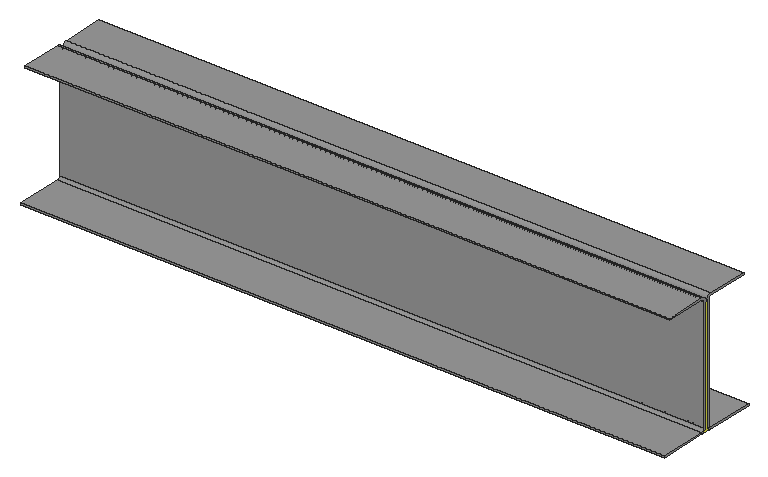
Revit family "ITW K 215", category Generic Models, Revit 2014
Parameters (values of type "Max lintel length 4800mm")
  URL = "http://www.keystonelintels.co.uk"
  Structural Opening [instance] = 900 mm
  Structural Performance = "The Keystone lintel range has safe working loads as detailed in each applicable loading table in the Keystone Lintel Guide brochure. The structural performance figures within each table have been ascertained by testing in accordance with the requirements of standards BS EN 5977-2: 1983 and BS EN 845-2: 2003."
  RIBA Productor Selector = "available for Keystone Lintels Ltd from Keystone Lintels Ltd from ribaproductselector.com"
  Model = "ITW/K 215"
  Min Length = 600 mm
  Min Clear Span = 300 mm
  Max Length = 4800 mm
  Max Clear Span = 4800 mm
  Material - Stainless Steel = "Grade 304 2b 1.4307 to BS EN 10088-2. Other grades available on request: contact manufacturer."
  Material - Galvanised Steel = "To BS EN 10346: 2009. DX51D plus Z600 or grade Z275 to BS 5977-2: 1983 (BS EN 845-2: 2003)."
  Manufacturer = "Keystone"
  Manufactured Length [instance] = (roundup(Effective Length / 150 mm) * 150 mm)  # 1200 mm
  Lintel height [instance] = 2100 mm
  Keynote = "F30/755"
  Fire Performance = "Keystone lintels have been subjected to a fire test (WARRES No. 101263) in accordance with BS 476-20: 1987, at Exova Warrington Fire and achieved a one hour fire performance."
  End Bearing = 150 mm
  Effective Length [instance] = Clear Opening with MIN MAX set + End Bearing * 2  # 1200 mm
  Corrosion = "Keystone’s standard range of lintels are manufactured from high quality grade pre-galvanized carbon steel with a zinc coating of 600"
  Contact Tel = "+44 (0)28 8676 2184"
  Contact Email = "info@keystonelintels.co.uk"
  Clear Opening with MIN MAX set [instance] = if(Structural Opening < Min Clear Span, Min Clear Span, (if(Structural Opening > Max Clear Span, Max Clear Span, Structural Opening)))  # 900 mm
  CPD Information = "Available for Keystone Lintels Ltd from ribacpd.com"
Reference planes
  plane 1 "Center (Front/Back)": y = 0
  plane 2: z = 0
  plane 3 "Center (Left/Right)": x = 0
  plane 4: x = -600
  plane 5: x = 600
  plane 6: z = 2100
  plane 7: x = -450
  plane 8: x = 450
Forms (mm)
  Extrusion 1, solid, material "Steel"
    sketch origin (0, 716.986, -496.741) x (0, 1, 0) y (0, 0, 1)
      loop
        line (-706.986, 2596.741) -> (-619.486, 2596.741) -> (-619.486, 2599.941) -> (-706.986, 2599.941)
        arc (-706.986, 2599.941) -> (-710.522, 2601.406) -> (-711.986, 2604.941) r 5
        line (-711.986, 2604.941) -> (-711.986, 2815.541)
        arc (-711.986, 2815.541) -> (-710.522, 2819.077) -> (-706.986, 2820.541) r 5
        line (-706.986, 2820.541) -> (-630.586, 2820.541) -> (-630.586, 2823.741) -> (-706.986, 2823.741)
        arc (-706.986, 2823.741) -> (-712.784, 2821.339) -> (-715.186, 2815.541) r 8.2
        line (-715.186, 2815.541) -> (-715.186, 2604.941)
        arc (-715.186, 2604.941) -> (-712.784, 2599.143) -> (-706.986, 2596.741) r 8.2
    from -600 to 600
  Extrusion 2, solid, material "Steel"
    sketch origin (0, 716.986, -496.741) x (0, 1, 0) y (0, 0, 1)
      loop
        line (-726.986, 2599.941) -> (-814.486, 2599.941) -> (-814.486, 2596.741) -> (-726.986, 2596.741)
        arc (-726.986, 2596.741) -> (-721.188, 2599.143) -> (-718.786, 2604.941) r 8.2
        line (-718.786, 2604.941) -> (-718.786, 2815.541)
        arc (-718.786, 2815.541) -> (-721.188, 2821.339) -> (-726.986, 2823.741) r 8.2
        line (-726.986, 2823.741) -> (-803.386, 2823.741) -> (-803.386, 2820.541) -> (-726.986, 2820.541)
        arc (-726.986, 2820.541) -> (-723.451, 2819.077) -> (-721.986, 2815.541) r 5
        line (-721.986, 2815.541) -> (-721.986, 2604.941)
        arc (-721.986, 2604.941) -> (-723.451, 2601.406) -> (-726.986, 2599.941) r 5
    from -600 to 600
  Extrusion 3, solid, material "Insulation"
    sketch origin (0, 716.986, -496.741) x (0, 1, 0) y (0, 0, 1)
      loop
        line (-715.186, 2604.941) -> (-715.186, 2815.541) -> (-718.786, 2815.541) -> (-718.786, 2604.941)
        arc (-718.786, 2604.941) -> (-721.188, 2599.143) -> (-726.986, 2596.741) r 8.2
        line (-726.986, 2596.741) -> (-706.986, 2596.741)
        arc (-706.986, 2596.741) -> (-712.784, 2599.143) -> (-715.186, 2604.941) r 8.2
    from -600 to 600
  Extrusion 4, solid, not visible
    sketch origin (0, 955.402, 1292.742) x (0, 1, 0) y (0, 0, 1)
      loop
        line (-706.986, 996.741) -> (-619.486, 996.741) -> (-619.486, 999.941) -> (-706.986, 999.941)
        arc (-706.986, 999.941) -> (-710.522, 1001.406) -> (-711.986, 1004.941) r 5
        line (-711.986, 1004.941) -> (-711.986, 1215.541)
        arc (-711.986, 1215.541) -> (-710.522, 1219.077) -> (-706.986, 1220.541) r 5
        line (-706.986, 1220.541) -> (-630.586, 1220.541) -> (-630.586, 1223.741) -> (-706.986, 1223.741)
        arc (-706.986, 1223.741) -> (-712.784, 1221.339) -> (-715.186, 1215.541) r 8.2
        line (-715.186, 1215.541) -> (-715.186, 1004.941)
        arc (-715.186, 1004.941) -> (-712.784, 999.143) -> (-706.986, 996.741) r 8.2
    from 0 to 250
  Extrusion 5, solid, not visible
    sketch origin (0, 607.652, 1189.808) x (0, 1, 0) y (0, 0, 1)
      loop
        line (-726.986, 999.941) -> (-814.486, 999.941) -> (-814.486, 996.741) -> (-726.986, 996.741)
        arc (-726.986, 996.741) -> (-721.188, 999.143) -> (-718.786, 1004.941) r 8.2
        line (-718.786, 1004.941) -> (-718.786, 1215.541)
        arc (-718.786, 1215.541) -> (-721.188, 1221.339) -> (-726.986, 1223.741) r 8.2
        line (-726.986, 1223.741) -> (-803.386, 1223.741) -> (-803.386, 1220.541) -> (-726.986, 1220.541)
        arc (-726.986, 1220.541) -> (-723.451, 1219.077) -> (-721.986, 1215.541) r 5
        line (-721.986, 1215.541) -> (-721.986, 1004.941)
        arc (-721.986, 1004.941) -> (-723.451, 1001.406) -> (-726.986, 999.941) r 5
    from 0 to 250
  Extrusion 6, solid, not visible
    sketch origin (0, 852.507, 836.535) x (0, 1, 0) y (0, 0, 1)
      loop
        line (-715.186, 1004.941) -> (-715.186, 1215.541) -> (-718.786, 1215.541) -> (-718.786, 1004.941)
        arc (-718.786, 1004.941) -> (-721.188, 999.143) -> (-726.986, 996.741) r 8.2
        line (-726.986, 996.741) -> (-706.986, 996.741)
        arc (-706.986, 996.741) -> (-712.784, 999.143) -> (-715.186, 1004.941) r 8.2
    from 0 to 250
Dimensions and locks
  equal spacing: plane 4, plane 3 "Center (Left/Right)", plane 5
  "Manufactured Length": plane 4 to plane 5
  "Lintel height": plane 6 to level
  "Structural Opening": plane 7 to plane 8
  equal spacing: plane 7, plane 3 "Center (Left/Right)", plane 8
  aligned and locked: level to plane 2
  aligned and locked: Extrusion 3 to plane 6
  aligned and locked: Extrusion 2 to plane 6
  aligned and locked: Extrusion 1 to plane 6
  aligned and locked: plane 5 to Extrusion 2
  aligned and locked: Extrusion 2 to plane 4
  aligned and locked: plane 5 to Extrusion 1
  aligned and locked: Extrusion 1 to plane 4
  aligned and locked: plane 5 to Extrusion 3
  aligned and locked: Extrusion 3 to plane 4
Automatic sketch dimensions
  Extrusion 1 sketch curve to Extrusion 1 sketch curve = 87.5 mm
  Extrusion 1 sketch curve to Extrusion 1 sketch curve = 3.2 mm
  Extrusion 1 sketch curve to Extrusion 1 sketch curve = 0 mm  (x8)
  Extrusion 1 sketch curve to Extrusion 1 sketch curve = 5 mm  (x2)
  Extrusion 1 sketch curve to Extrusion 1 sketch curve = 210.6 mm
  Extrusion 1 sketch curve to Extrusion 1 sketch curve = 76.4 mm
  Extrusion 2 sketch curve to Extrusion 2 sketch curve = 3.2 mm
  Extrusion 2 sketch curve to Extrusion 2 sketch curve = 87.5 mm
  Extrusion 2 sketch curve to Extrusion 2 sketch curve = 0 mm  (x8)
  Extrusion 2 sketch curve to Extrusion 2 sketch curve = 5 mm  (x2)
  Extrusion 2 sketch curve to Extrusion 2 sketch curve = 210.6 mm
  Extrusion 2 sketch curve to Extrusion 2 sketch curve = 76.4 mm
  Extrusion 3 sketch curve to Extrusion 3 sketch curve = 3.6 mm
  Extrusion 3 sketch curve to Extrusion 3 sketch curve = 8.2 mm
  Extrusion 3 sketch curve to Extrusion 3 sketch curve = 0 mm
  Extrusion 3 sketch curve to Extrusion 3 sketch curve = 210.6 mm
  Extrusion 4 sketch curve to Extrusion 4 sketch curve = 87.5 mm
  Extrusion 4 sketch curve to Extrusion 4 sketch curve = 3.2 mm
  Extrusion 4 sketch curve to Extrusion 4 sketch curve = 0 mm  (x8)
  Extrusion 4 sketch curve to Extrusion 4 sketch curve = 5 mm  (x2)
  Extrusion 4 sketch curve to Extrusion 4 sketch curve = 210.6 mm
  Extrusion 4 sketch curve to Extrusion 4 sketch curve = 76.4 mm
  Extrusion 5 sketch curve to Extrusion 5 sketch curve = 3.2 mm
  Extrusion 5 sketch curve to Extrusion 5 sketch curve = 87.5 mm
  Extrusion 5 sketch curve to Extrusion 5 sketch curve = 0 mm  (x8)
  Extrusion 5 sketch curve to Extrusion 5 sketch curve = 5 mm  (x2)
  Extrusion 5 sketch curve to Extrusion 5 sketch curve = 210.6 mm
  Extrusion 5 sketch curve to Extrusion 5 sketch curve = 76.4 mm
  Extrusion 6 sketch curve to Extrusion 6 sketch curve = 3.6 mm
  Extrusion 6 sketch curve to Extrusion 6 sketch curve = 8.2 mm
  Extrusion 6 sketch curve to Extrusion 6 sketch curve = 0 mm
  Extrusion 6 sketch curve to Extrusion 6 sketch curve = 210.6 mm
  Extrusion 3 sketch curve to plane 6 = 0 mm
  plane 1 "Center (Front/Back)" to Extrusion 3 sketch curve = 10 mm
  Extrusion 2 sketch curve to plane 6 = 0 mm
  plane 1 "Center (Front/Back)" to Extrusion 2 sketch curve = 97.5 mm
  Extrusion 1 sketch curve to plane 6 = 0 mm
  Extrusion 1 sketch curve to plane 1 "Center (Front/Back)" = 1.8 mm
